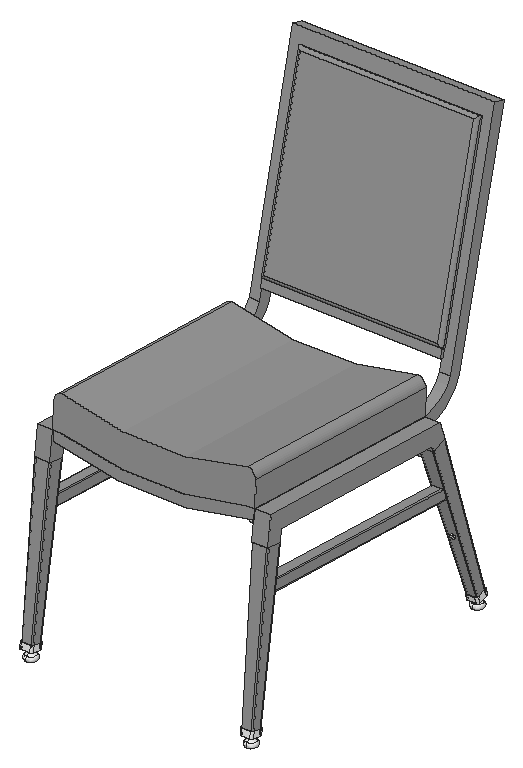
Revit family "8310", category Furniture, Revit 2020
Family settings
  OmniClass Number = 23.40.20.14.14.11
  OmniClass Title = Chairs
  Work Plane-Based = No
  Always vertical = Yes
  Cut with Voids When Loaded = No
  Shared = Yes
  Room Calculation Point = No
Parameters (values of type "Chair-Desk")
  Seat/Back Material = Textile - Slate Blue
  Default Elevation = 0 mm
  Base Material = Steel, Chrome Plated
  Assembly Code = "E2020200"
Reference planes
  plane 1: y = -187.299
  plane 2: z = 0
  plane 3 "Center (Left/Right)": through (1268.287, 0, -34.027) normal (0.9998, 0, 0.0175)
  plane 4: z = 0
  plane 5: through (-137.485, 1744.418, 541.439) normal (0.9998, 0, -0.0177)
  plane 6: z = 18.3
  plane 7: through (-799.018, 82.681, 403.326) normal (0, 0.0523, 0.9986)
  plane 8: through (-799.018, 82.681, 307.326) normal (0, 0.0523, 0.9986)
  plane 9: z = 390.613
  plane 10: z = 150.613
  plane 11: x = -10.013
  plane 12: x = 442.436
  plane 13: y = 388.951
  plane 14: y = -181.049
  plane 15: through (-799.018, 323.856, 144.527) normal (0, -0.9397, -0.342)
  plane 16: through (-799.018, 273.157, 287.592) normal (0, 0.0523, 0.9986)
  plane 17: through (-799.018, 323.856, 144.527) normal (0, -0.9397, -0.342)
  plane 18: through (-799.018, 273.157, 287.592) normal (0, 0.0523, 0.9986)
  plane 19: through (-368.686, 323.856, 132.701) normal (0.0052, -0.9397, -0.342)
  plane 20: through (-370.85, 273.157, 275.749) normal (-0.0151, 0.0523, 0.9985)
  plane 21: z = 460
  plane 22: through (-799.018, 472.248, 838.796) normal (0, -0.2402, -0.9707)
  plane 23: through (-799.018, 371.36, 431.093) normal (0, -0.2402, -0.9707)
  plane 24: z = 850
Forms (mm)
  Extrusion 1, solid, material "8310_Metal"
    sketch origin (0.287, 154.975, 59.144) x (0, 0.050503, 0.998724) y (-1, 0, 0)
      loop
        line (318.018, -33) -> (318.018, -15.2) -> (300.045, -15.2)
        arc (300.045, -15.2) -> (272.897, -212.844) -> (300.045, -410.488) r 733.007
        line (300.045, -410.488) -> (318.018, -410.488) -> (318.018, -392.688)
        arc (318.018, -392.688) -> (294.897, -212.844) -> (318.018, -33) r 711.007
    from 284.451 to 307.728
  Sweep 2, solid, material "8310_Metal"
    path origin (-221.154, 295.614, 456.595) x (0.017452, 0.156411, 0.987538) y (0.999848, -0.00273, -0.017238)
      loop
        line (-138.342, 238.218) -> (-131.391, 636.433)
    profile origin (213.751, 273.326, 315.871) x (0, -0.156434, -0.987688) y (0, 0.987688, -0.156434)
      loop
        line (5.386, 17.196) -> (-12, 12.537) -> (-7.342, -4.85) -> (10.045, -0.191) -> (5.386, 17.196)
  Extrusion 3, solid, material "8310_Fabric"
    sketch origin (0.287, -152.36, 74.685) x (0, 0.050503, 0.998724) y (-1, 0, 0)
      loop
        line (318.018, -392.688) -> (318.018, -410.488) -> (368.018, -410.488) -> (368.018, -395.488) -> (385.211, -395.488)
        arc (385.211, -395.488) -> (358.897, -212.844) -> (385.211, -30.2) r 647.007
        line (385.211, -30.2) -> (368.018, -30.2) -> (368.018, -15.2) -> (318.018, -15.2) -> (318.018, -33)
        arc (318.018, -33) -> (294.897, -212.844) -> (318.018, -392.688) r 711.007
    from 0 to -417.505
  Sweep 4, solid, material "8310_Fabric"
    path origin (30.487, -133.775, 442.233) x (0, 0.050503, 0.998724) y (0, 0.998724, -0.050503)
      loop
        line (0, 0) -> (0, 417.505)
    profile origin (30.487, 74.711, 431.691) x (0, -0.050503, -0.998724) y (-1, 0, 0)
      loop
        line (0, 0) -> (0, 15)
        arc (0, 15) -> (-12.007, 11.408) -> (-17.193, 0) r 15.14
        line (-17.193, 0) -> (0, 0)
  Sweep 5, solid, material "8310_Fabric"
    path in 3D
      loop
        line (395.775, -133.775, 442.233) -> (395.775, 283.197, 421.148)
    profile origin (395.775, 74.711, 431.691) x (0, 0.050503, 0.998724) y (1, 0, 0)
      loop
        line (0, 0) -> (17.193, 0)
        arc (17.193, 0) -> (11.408, 10.723) -> (0, 15) r 17.354
        line (0, 15) -> (0, 0)
  SweptBlend 6, solid, material "8310_Metal"
    path origin (0.287, 2.5, 2.5) x (0, 1, 0) y (0, 0, 1)
      loop
        line (-174.704, 17.976) -> (-131.184, 333.281)
    profile origin (0.287, -172.204, 20.476) x (0, -0.990609, 0.136727) y (1, 0, 0)
      loop
        line (-10.3, 8.7) -> (-10.3, -8.7)
        arc (-10.3, -8.7) -> (-9.831, -9.831) -> (-8.7, -10.3) r 1.6
        line (-8.7, -10.3) -> (8.7, -10.3)
        arc (8.7, -10.3) -> (9.831, -9.831) -> (10.3, -8.7) r 1.6
        line (10.3, -8.7) -> (10.3, 8.7)
        arc (10.3, 8.7) -> (9.831, 9.831) -> (8.7, 10.3) r 1.6
        line (8.7, 10.3) -> (-8.7, 10.3)
        arc (-8.7, 10.3) -> (-9.831, 9.831) -> (-10.3, 8.7) r 1.6
    end profile origin (0.288, -128.684, 335.781) x (0, -0.990609, 0.136727) y (1, 0, 0)
      loop
        line (-15.2, 13.6) -> (-15.2, -13.6)
        arc (-15.2, -13.6) -> (-14.731, -14.731) -> (-13.6, -15.2) r 1.6
        line (-13.6, -15.2) -> (13.6, -15.2)
        arc (13.6, -15.2) -> (14.731, -14.731) -> (15.2, -13.6) r 1.6
        line (15.2, -13.6) -> (15.2, 13.6)
        arc (15.2, 13.6) -> (14.731, 14.731) -> (13.6, 15.2) r 1.6
        line (13.6, 15.2) -> (-13.6, 15.2)
        arc (-13.6, 15.2) -> (-14.731, 14.731) -> (-15.2, 13.6) r 1.6
  SweptBlend 7, solid, material "8310_Metal"
    path origin (0.287, 9.673, 3.54) x (0, 1, 0) y (0, 0, 1)
      loop
        line (372.607, 16.013) -> (267.172, 329.256)
    profile origin (0.287, 382.28, 19.553) x (0, -0.947753, -0.319005) y (1, 0, 0)
      loop
        line (8.7, 10.3) -> (-8.7, 10.3)
        arc (-8.7, 10.3) -> (-9.831, 9.831) -> (-10.3, 8.7) r 1.6
        line (-10.3, 8.7) -> (-10.3, -8.7)
        arc (-10.3, -8.7) -> (-9.831, -9.831) -> (-8.7, -10.3) r 1.6
        line (-8.7, -10.3) -> (8.7, -10.3)
        arc (8.7, -10.3) -> (9.831, -9.831) -> (10.3, -8.7) r 1.6
        line (10.3, -8.7) -> (10.3, 8.7)
        arc (10.3, 8.7) -> (9.831, 9.831) -> (8.7, 10.3) r 1.6
    end profile origin (0.288, 276.845, 332.796) x (0, -0.947753, -0.319005) y (1, 0, 0)
      loop
        line (13.6, 15.2) -> (-13.6, 15.2)
        arc (-13.6, 15.2) -> (-14.731, 14.731) -> (-15.2, 13.6) r 1.6
        line (-15.2, 13.6) -> (-15.2, -13.6)
        arc (-15.2, -13.6) -> (-14.731, -14.731) -> (-13.6, -15.2) r 1.6
        line (-13.6, -15.2) -> (13.6, -15.2)
        arc (13.6, -15.2) -> (14.731, -14.731) -> (15.2, -13.6) r 1.6
        line (15.2, -13.6) -> (15.2, 13.6)
        arc (15.2, 13.6) -> (14.731, 14.731) -> (13.6, 15.2) r 1.6
  Extrusion 8, solid, material "8310_Metal"
    sketch origin (0.287, 0, -52.5) x (0, 1, 0) y (0, 0, 1)
      loop
        line (291.378, 390.187) -> (278.859, 424.397) -> (-136.142, 445.42) -> (-143.741, 390.36) -> (-113.627, 386.203) -> (-110.334, 410.063) -> (258.764, 391.365) -> (262.439, 380.447) -> (291.378, 390.187)
    from -15.2 to 15.2
  Extrusion 9, solid, material "Steel, Chrome Plated"
    sketch origin (0.287, -172.204, 20.476) x (-1, 0, 0) y (0, 0.990609, -0.136727)
      loop
        line (-8.7, -10.3) -> (8.7, -10.3)
        arc (8.7, -10.3) -> (9.831, -9.831) -> (10.3, -8.7) r 1.6
        line (10.3, -8.7) -> (10.3, 8.7)
        arc (10.3, 8.7) -> (9.831, 9.831) -> (8.7, 10.3) r 1.6
        line (8.7, 10.3) -> (-8.7, 10.3)
        arc (-8.7, 10.3) -> (-9.831, 9.831) -> (-10.3, 8.7) r 1.6
        line (-10.3, 8.7) -> (-10.3, -8.7)
        arc (-10.3, -8.7) -> (-9.831, -9.831) -> (-8.7, -10.3) r 1.6
      loop
        line (-8.7, -12.3) -> (8.7, -12.3)
        arc (8.7, -12.3) -> (11.246, -11.246) -> (12.3, -8.7) r 3.6
        line (12.3, -8.7) -> (12.3, 8.7)
        arc (12.3, 8.7) -> (11.246, 11.246) -> (8.7, 12.3) r 3.6
        line (8.7, 12.3) -> (-8.7, 12.3)
        arc (-8.7, 12.3) -> (-11.246, 11.246) -> (-12.3, 8.7) r 3.6
        line (-12.3, 8.7) -> (-12.3, -8.7)
        arc (-12.3, -8.7) -> (-11.246, -11.246) -> (-8.7, -12.3) r 3.6
    from 2 to -10
  Extrusion 10, solid
    sketch origin (0.287, -172.204, 20.476) x (-1, 0, 0) y (0, 0.990609, -0.136727)
      loop
        arc (8.7, -10.3) -> (9.831, -9.831) -> (10.3, -8.7) r 1.6
        line (10.3, -8.7) -> (10.3, 8.7)
        arc (10.3, 8.7) -> (9.831, 9.831) -> (8.7, 10.3) r 1.6
        line (8.7, 10.3) -> (-8.7, 10.3)
        arc (-8.7, 10.3) -> (-9.831, 9.831) -> (-10.3, 8.7) r 1.6
        line (-10.3, 8.7) -> (-10.3, -8.7)
        arc (-10.3, -8.7) -> (-9.831, -9.831) -> (-8.7, -10.3) r 1.6
        line (-8.7, -10.3) -> (8.7, -10.3)
    from 0 to 2
  Extrusion 11, solid, material "Steel, Chrome Plated"
    sketch origin (0.287, 382.28, 19.553) x (0, 0.947753, 0.319005) y (1, 0, 0)
      loop
        line (-8.7, -10.3) -> (8.7, -10.3)
        arc (8.7, -10.3) -> (9.831, -9.831) -> (10.3, -8.7) r 1.6
        line (10.3, -8.7) -> (10.3, 8.7)
        arc (10.3, 8.7) -> (9.831, 9.831) -> (8.7, 10.3) r 1.6
        line (8.7, 10.3) -> (-8.7, 10.3)
        arc (-8.7, 10.3) -> (-9.831, 9.831) -> (-10.3, 8.7) r 1.6
        line (-10.3, 8.7) -> (-10.3, -8.7)
        arc (-10.3, -8.7) -> (-9.831, -9.831) -> (-8.7, -10.3) r 1.6
      loop
        line (12.3, -8.7) -> (12.3, 8.7)
        arc (12.3, 8.7) -> (11.246, 11.246) -> (8.7, 12.3) r 3.6
        line (8.7, 12.3) -> (-8.7, 12.3)
        arc (-8.7, 12.3) -> (-11.246, 11.246) -> (-12.3, 8.7) r 3.6
        line (-12.3, 8.7) -> (-12.3, -8.7)
        arc (-12.3, -8.7) -> (-11.246, -11.246) -> (-8.7, -12.3) r 3.6
        line (-8.7, -12.3) -> (8.7, -12.3)
        arc (8.7, -12.3) -> (11.246, -11.246) -> (12.3, -8.7) r 3.6
    from 2 to -10
  Extrusion 12, solid
    sketch origin (0.287, 382.28, 19.553) x (0, 0.947753, 0.319005) y (1, 0, 0)
      loop
        arc (10.3, 8.7) -> (9.831, 9.831) -> (8.7, 10.3) r 1.6
        line (8.7, 10.3) -> (-8.7, 10.3)
        arc (-8.7, 10.3) -> (-9.831, 9.831) -> (-10.3, 8.7) r 1.6
        line (-10.3, 8.7) -> (-10.3, -8.7)
        arc (-10.3, -8.7) -> (-9.831, -9.831) -> (-8.7, -10.3) r 1.6
        line (-8.7, -10.3) -> (8.7, -10.3)
        arc (8.7, -10.3) -> (9.831, -9.831) -> (10.3, -8.7) r 1.6
        line (10.3, -8.7) -> (10.3, 8.7)
    from 0 to 2
  Sweep 13, solid, material "8310_Metal"
    path origin (0.287, 10, -57.5) x (0, 1, 0) y (0, 0, 1)
      loop
        line (290.535, 296.433) -> (-143.869, 319.199)
    profile origin (0.288, 83.333, 250.316) x (0, -0.052336, -0.99863) y (1, 0, 0)
      loop
        arc (9.404, -11) -> (10.533, -10.533) -> (11, -9.404) r 1.596
        line (11, -9.404) -> (11, 9.398)
        arc (11, 9.398) -> (10.531, 10.531) -> (9.398, 11) r 1.602
        line (9.398, 11) -> (-9.384, 11)
        arc (-9.384, 11) -> (-10.527, 10.527) -> (-11, 9.384) r 1.616
        line (-11, 9.384) -> (-11, -9.438)
        arc (-11, -9.438) -> (-10.542, -10.542) -> (-9.438, -11) r 1.562
        line (-9.438, -11) -> (9.404, -11)
  Extrusion 14, solid, material "8310_Metal"
    sketch origin (33.2, 287.742, 452.042) x (0, -0.99872, 0.050574) y (0, -0.050574, -0.99872)
      loop
        line (165.232, 69.049) -> (145.232, 69.049) -> (145.232, 48.703) -> (165.232, 48.703) -> (165.232, 69.049)
    from 0 to 359.287
  Extrusion 15, solid, material "8310_Metal"
    sketch origin (15.487, 0, -10) x (0, 1, 0) y (0, 0, 1)
      loop
        line (-124.276, 380.513) -> (271.358, 359.778)
        arc (271.358, 359.778) -> (327.284, 373.991) -> (365.462, 417.259) r 97.799
        line (365.462, 417.259) -> (473.727, 854.772) -> (452.953, 859.912) -> (345.184, 424.401)
        arc (345.184, 424.401) -> (315.356, 391.788) -> (272.458, 381.15) r 76.399
        line (272.458, 381.15) -> (-123.156, 401.883) -> (-124.276, 380.513)
    from 0 to 21.4
  Extrusion 16, solid, material "8310_Metal"
    sketch origin (389.631, 0, -10) x (0, 1, 0) y (0, 0, 1)
      loop
        line (-122.054, 401.128) -> (-123.137, 379.755) -> (271.358, 359.778)
        arc (271.358, 359.778) -> (327.284, 373.991) -> (365.462, 417.259) r 97.799
        line (365.462, 417.259) -> (473.736, 854.811) -> (452.963, 859.951) -> (345.184, 424.401)
        arc (345.184, 424.401) -> (315.348, 391.784) -> (272.44, 381.151) r 76.399
        line (272.44, 381.151) -> (-122.054, 401.128)
    from 0 to 21.4
  Extrusion 17, solid, material "8310_Metal"
    sketch origin (389.631, 384.843, 485.578) x (0, 0.24021, 0.970721) y (1, 0, 0)
      loop
        line (370.068, 0) -> (339.664, 0) -> (339.664, -352.743) -> (370.068, -352.743) -> (370.068, 0)
    from -21.4 to 0
  Extrusion 18, solid, material "8310_Fabric"
    sketch origin (389.631, 384.843, 485.578) x (0, 0.24021, 0.970721) y (1, 0, 0)
      loop
        line (-33.224, 0) -> (-33.224, -352.743) -> (339.664, -352.743) -> (339.664, -226.46)
        arc (339.664, -226.46) -> (334.126, -208.28) -> (323.21, -192.723) r 60.37
        arc (323.21, -192.723) -> (317.091, -177.622) -> (323.21, -162.52) r 21.695
        arc (323.21, -162.52) -> (334.714, -145.501) -> (339.664, -125.563) r 58.825
        line (339.664, -125.563) -> (339.664, 0) -> (-33.224, 0)
    from -10.761 to -3.92
  Extrusion 19, solid, material "8310_Fabric"
    sketch origin (389.631, 374.397, 488.163) x (0, -0.24021, -0.970721) y (1, 0, 0)
      loop
        line (33.224, -347.743) -> (33.224, -5) -> (-334.664, -5) -> (-334.664, -347.743) -> (33.224, -347.743)
    from 0 to 20.2
  Sweep 20, solid, material "8310_Fabric"
    path origin (389.631, 374.397, 488.163) x (0, 0.24021, 0.970721) y (1, 0, 0)
      loop
        line (-33.224, -347.743) -> (334.664, -347.743) -> (334.664, -5) -> (-33.224, -5) -> (-33.224, -347.743)
    profile origin (41.887, 410.601, 634.47) x (1, 0, 0) y (0, 0.970721, -0.24021)
      loop
        line (0, -20.2) -> (0, 0) -> (-6.488, 0) -> (-6.488, -12.118)
        arc (-6.488, -12.118) -> (-4.666, -17.3) -> (0, -20.2) r 8.278
  Extrusion 21, solid, material "Steel, Chrome Plated"
    sketch origin (0.288, 1126.15, 181.617) x (0, -0.998719, 0.050593) y (-1, 0, 0)
      loop
        line (932.955, 0.056) -> (935.455, -4.274) -> (940.455, -4.274) -> (942.955, 0.056) -> (940.455, 4.386) -> (935.455, 4.386) -> (932.955, 0.056)
      loop
        line (1171.747, 0.056) -> (1174.247, -4.274) -> (1179.247, -4.274) -> (1181.747, 0.056) -> (1179.247, 4.386) -> (1174.247, 4.386) -> (1171.747, 0.056)
    from -4.844 to -2.408
  Extrusion 22, solid, material "8310_Metal"
    sketch origin (-2.347, 334.96, 135.808) x (0, 0.353717, -0.935352) y (1, 0, 0)
      loop
        line (-7.341, -2.329) -> (-3.011, 0.171) -> (-3.011, 5.171) -> (-7.341, 7.671) -> (-11.671, 5.171) -> (-11.671, 0.171) -> (-7.341, -2.329)
    from -2.909 to -0.563
  Extrusion 23, solid
    sketch origin (0.287, -176.539, -1.206) x (0, -0.165298, -0.986244) y (-1, 0, 0)
      loop
        line (-143.939, -2.806) -> (-139.609, -0.306) -> (-139.609, 4.694) -> (-143.939, 7.194) -> (-148.269, 4.694) -> (-148.269, -0.306) -> (-143.939, -2.806)
    from -8.297 to -6.401
  SweptBlend 24, solid, material "8310_Metal", not visible
    path origin (0.287, 2.5, 2.5) x (0, 1, 0) y (0, 0, 1)
      loop
        line (-174.704, 17.976) -> (-131.184, 333.281)
    profile origin (0.287, -172.204, 20.476) x (0, -0.990609, 0.136727) y (1, 0, 0)
      loop
        line (-10.3, 8.7) -> (-10.3, -8.7)
        arc (-10.3, -8.7) -> (-9.831, -9.831) -> (-8.7, -10.3) r 1.6
        line (-8.7, -10.3) -> (8.7, -10.3)
        arc (8.7, -10.3) -> (9.831, -9.831) -> (10.3, -8.7) r 1.6
        line (10.3, -8.7) -> (10.3, 8.7)
        arc (10.3, 8.7) -> (9.831, 9.831) -> (8.7, 10.3) r 1.6
        line (8.7, 10.3) -> (-8.7, 10.3)
        arc (-8.7, 10.3) -> (-9.831, 9.831) -> (-10.3, 8.7) r 1.6
    end profile origin (0.288, -128.684, 335.781) x (0, -0.990609, 0.136727) y (1, 0, 0)
      loop
        line (-15.2, 13.6) -> (-15.2, -13.6)
        arc (-15.2, -13.6) -> (-14.731, -14.731) -> (-13.6, -15.2) r 1.6
        line (-13.6, -15.2) -> (13.6, -15.2)
        arc (13.6, -15.2) -> (14.731, -14.731) -> (15.2, -13.6) r 1.6
        line (15.2, -13.6) -> (15.2, 13.6)
        arc (15.2, 13.6) -> (14.731, 14.731) -> (13.6, 15.2) r 1.6
        line (13.6, 15.2) -> (-13.6, 15.2)
        arc (-13.6, 15.2) -> (-14.731, 14.731) -> (-15.2, 13.6) r 1.6
  SweptBlend 25, solid, material "8310_Metal", not visible
    path origin (0.287, 9.673, 3.54) x (0, 1, 0) y (0, 0, 1)
      loop
        line (372.607, 16.013) -> (267.172, 329.256)
    profile origin (0.287, 382.28, 19.553) x (0, -0.947753, -0.319005) y (1, 0, 0)
      loop
        line (8.7, 10.3) -> (-8.7, 10.3)
        arc (-8.7, 10.3) -> (-9.831, 9.831) -> (-10.3, 8.7) r 1.6
        line (-10.3, 8.7) -> (-10.3, -8.7)
        arc (-10.3, -8.7) -> (-9.831, -9.831) -> (-8.7, -10.3) r 1.6
        line (-8.7, -10.3) -> (8.7, -10.3)
        arc (8.7, -10.3) -> (9.831, -9.831) -> (10.3, -8.7) r 1.6
        line (10.3, -8.7) -> (10.3, 8.7)
        arc (10.3, 8.7) -> (9.831, 9.831) -> (8.7, 10.3) r 1.6
    end profile origin (0.288, 276.845, 332.796) x (0, -0.947753, -0.319005) y (1, 0, 0)
      loop
        line (13.6, 15.2) -> (-13.6, 15.2)
        arc (-13.6, 15.2) -> (-14.731, 14.731) -> (-15.2, 13.6) r 1.6
        line (-15.2, 13.6) -> (-15.2, -13.6)
        arc (-15.2, -13.6) -> (-14.731, -14.731) -> (-13.6, -15.2) r 1.6
        line (-13.6, -15.2) -> (13.6, -15.2)
        arc (13.6, -15.2) -> (14.731, -14.731) -> (15.2, -13.6) r 1.6
        line (15.2, -13.6) -> (15.2, 13.6)
        arc (15.2, 13.6) -> (14.731, 14.731) -> (13.6, 15.2) r 1.6
  Extrusion 26, solid, material "8310_Metal", not visible
    sketch origin (0.287, 0, -52.5) x (0, 1, 0) y (0, 0, 1)
      loop
        line (291.378, 390.187) -> (278.859, 424.397) -> (-136.142, 445.42) -> (-143.741, 390.36) -> (-113.627, 386.203) -> (-110.334, 410.063) -> (258.764, 391.365) -> (262.439, 380.447) -> (291.378, 390.187)
    from -15.2 to 15.2
  Extrusion 27, solid, material "Steel, Chrome Plated", not visible
    sketch origin (0.287, -172.204, 20.476) x (-1, 0, 0) y (0, 0.990609, -0.136727)
      loop
        line (-8.7, -10.3) -> (8.7, -10.3)
        arc (8.7, -10.3) -> (9.831, -9.831) -> (10.3, -8.7) r 1.6
        line (10.3, -8.7) -> (10.3, 8.7)
        arc (10.3, 8.7) -> (9.831, 9.831) -> (8.7, 10.3) r 1.6
        line (8.7, 10.3) -> (-8.7, 10.3)
        arc (-8.7, 10.3) -> (-9.831, 9.831) -> (-10.3, 8.7) r 1.6
        line (-10.3, 8.7) -> (-10.3, -8.7)
        arc (-10.3, -8.7) -> (-9.831, -9.831) -> (-8.7, -10.3) r 1.6
      loop
        line (-8.7, -12.3) -> (8.7, -12.3)
        arc (8.7, -12.3) -> (11.246, -11.246) -> (12.3, -8.7) r 3.6
        line (12.3, -8.7) -> (12.3, 8.7)
        arc (12.3, 8.7) -> (11.246, 11.246) -> (8.7, 12.3) r 3.6
        line (8.7, 12.3) -> (-8.7, 12.3)
        arc (-8.7, 12.3) -> (-11.246, 11.246) -> (-12.3, 8.7) r 3.6
        line (-12.3, 8.7) -> (-12.3, -8.7)
        arc (-12.3, -8.7) -> (-11.246, -11.246) -> (-8.7, -12.3) r 3.6
    from 2 to -10
  Extrusion 28, solid, material "Steel, Chrome Plated", not visible
    sketch origin (0.287, 382.28, 19.553) x (0, 0.947753, 0.319005) y (1, 0, 0)
      loop
        line (-8.7, -10.3) -> (8.7, -10.3)
        arc (8.7, -10.3) -> (9.831, -9.831) -> (10.3, -8.7) r 1.6
        line (10.3, -8.7) -> (10.3, 8.7)
        arc (10.3, 8.7) -> (9.831, 9.831) -> (8.7, 10.3) r 1.6
        line (8.7, 10.3) -> (-8.7, 10.3)
        arc (-8.7, 10.3) -> (-9.831, 9.831) -> (-10.3, 8.7) r 1.6
        line (-10.3, 8.7) -> (-10.3, -8.7)
        arc (-10.3, -8.7) -> (-9.831, -9.831) -> (-8.7, -10.3) r 1.6
      loop
        line (12.3, -8.7) -> (12.3, 8.7)
        arc (12.3, 8.7) -> (11.246, 11.246) -> (8.7, 12.3) r 3.6
        line (8.7, 12.3) -> (-8.7, 12.3)
        arc (-8.7, 12.3) -> (-11.246, 11.246) -> (-12.3, 8.7) r 3.6
        line (-12.3, 8.7) -> (-12.3, -8.7)
        arc (-12.3, -8.7) -> (-11.246, -11.246) -> (-8.7, -12.3) r 3.6
        line (-8.7, -12.3) -> (8.7, -12.3)
        arc (8.7, -12.3) -> (11.246, -11.246) -> (12.3, -8.7) r 3.6
    from 2 to -10
  Sweep 29, solid, material "8310_Metal", not visible
    path origin (0.287, 10, -57.5) x (0, 1, 0) y (0, 0, 1)
      loop
        line (290.535, 296.433) -> (-143.869, 319.199)
    profile origin (0.288, 83.333, 250.316) x (0, -0.052336, -0.99863) y (1, 0, 0)
      loop
        arc (9.404, -11) -> (10.533, -10.533) -> (11, -9.404) r 1.596
        line (11, -9.404) -> (11, 9.398)
        arc (11, 9.398) -> (10.531, 10.531) -> (9.398, 11) r 1.602
        line (9.398, 11) -> (-9.384, 11)
        arc (-9.384, 11) -> (-10.527, 10.527) -> (-11, 9.384) r 1.616
        line (-11, 9.384) -> (-11, -9.438)
        arc (-11, -9.438) -> (-10.542, -10.542) -> (-9.438, -11) r 1.562
        line (-9.438, -11) -> (9.404, -11)
  Extrusion 30, solid, material "Steel, Chrome Plated", not visible
    sketch origin (0.288, 1126.15, 181.617) x (0, -0.998719, 0.050593) y (-1, 0, 0)
      loop
        line (932.955, 0.056) -> (935.455, -4.274) -> (940.455, -4.274) -> (942.955, 0.056) -> (940.455, 4.386) -> (935.455, 4.386) -> (932.955, 0.056)
      loop
        line (1171.747, 0.056) -> (1174.247, -4.274) -> (1179.247, -4.274) -> (1181.747, 0.056) -> (1179.247, 4.386) -> (1174.247, 4.386) -> (1171.747, 0.056)
    from -4.844 to -2.408
  Extrusion 31, solid, material "8310_Metal", not visible
    sketch origin (-2.347, 334.96, 135.808) x (0, 0.353717, -0.935352) y (1, 0, 0)
      loop
        line (-7.341, -2.329) -> (-3.011, 0.171) -> (-3.011, 5.171) -> (-7.341, 7.671) -> (-11.671, 5.171) -> (-11.671, 0.171) -> (-7.341, -2.329)
    from -2.909 to -0.563
  Extrusion 32, solid, not visible
    sketch origin (0.287, -176.539, -1.206) x (0, -0.165298, -0.986244) y (-1, 0, 0)
      loop
        line (-143.939, -2.806) -> (-139.609, -0.306) -> (-139.609, 4.694) -> (-143.939, 7.194) -> (-148.269, 4.694) -> (-148.269, -0.306) -> (-143.939, -2.806)
    from -8.297 to -6.401
  SweptBlend 33, solid, material "8310_Metal"
    path origin (432.677, 2.5, 2.781) x (0, 1, 0) y (-0.015127, 0, 0.999886)
      loop
        line (-174.704, 17.976) -> (-131.184, 333.281)
    profile origin (432.405, -172.204, 20.755) x (-0.002068, -0.990609, 0.136711) y (0.999886, 0, 0.015127)
      loop
        line (-10.3, 8.7) -> (-10.3, -8.7)
        arc (-10.3, -8.7) -> (-9.831, -9.831) -> (-8.7, -10.3) r 1.6
        line (-8.7, -10.3) -> (8.7, -10.3)
        arc (8.7, -10.3) -> (9.831, -9.831) -> (10.3, -8.7) r 1.6
        line (10.3, -8.7) -> (10.3, 8.7)
        arc (10.3, 8.7) -> (9.831, 9.831) -> (8.7, 10.3) r 1.6
        line (8.7, 10.3) -> (-8.7, 10.3)
        arc (-8.7, 10.3) -> (-9.831, 9.831) -> (-10.3, 8.7) r 1.6
    end profile origin (427.635, -128.684, 336.024) x (-0.002068, -0.990609, 0.136711) y (0.999886, 0, 0.015127)
      loop
        line (-15.2, 13.6) -> (-15.2, -13.6)
        arc (-15.2, -13.6) -> (-14.731, -14.731) -> (-13.6, -15.2) r 1.6
        line (-13.6, -15.2) -> (13.6, -15.2)
        arc (13.6, -15.2) -> (14.731, -14.731) -> (15.2, -13.6) r 1.6
        line (15.2, -13.6) -> (15.2, 13.6)
        arc (15.2, 13.6) -> (14.731, 14.731) -> (13.6, 15.2) r 1.6
        line (13.6, 15.2) -> (-13.6, 15.2)
        arc (-13.6, 15.2) -> (-14.731, 14.731) -> (-15.2, 13.6) r 1.6
  SweptBlend 34, solid, material "8310_Metal"
    path origin (432.661, 9.673, 3.82) x (0, 1, 0) y (-0.015127, 0, 0.999886)
      loop
        line (372.607, 16.013) -> (267.172, 329.256)
    profile origin (432.419, 382.28, 19.832) x (0.004825, -0.947753, -0.318969) y (0.999886, 0, 0.015127)
      loop
        line (8.7, 10.3) -> (-8.7, 10.3)
        arc (-8.7, 10.3) -> (-9.831, 9.831) -> (-10.3, 8.7) r 1.6
        line (-10.3, 8.7) -> (-10.3, -8.7)
        arc (-10.3, -8.7) -> (-9.831, -9.831) -> (-8.7, -10.3) r 1.6
        line (-8.7, -10.3) -> (8.7, -10.3)
        arc (8.7, -10.3) -> (9.831, -9.831) -> (10.3, -8.7) r 1.6
        line (10.3, -8.7) -> (10.3, 8.7)
        arc (10.3, 8.7) -> (9.831, 9.831) -> (8.7, 10.3) r 1.6
    end profile origin (427.68, 276.845, 333.038) x (0.004825, -0.947753, -0.318969) y (0.999886, 0, 0.015127)
      loop
        line (13.6, 15.2) -> (-13.6, 15.2)
        arc (-13.6, 15.2) -> (-14.731, 14.731) -> (-15.2, 13.6) r 1.6
        line (-15.2, 13.6) -> (-15.2, -13.6)
        arc (-15.2, -13.6) -> (-14.731, -14.731) -> (-13.6, -15.2) r 1.6
        line (-13.6, -15.2) -> (13.6, -15.2)
        arc (13.6, -15.2) -> (14.731, -14.731) -> (15.2, -13.6) r 1.6
        line (15.2, -13.6) -> (15.2, 13.6)
        arc (15.2, 13.6) -> (14.731, 14.731) -> (13.6, 15.2) r 1.6
  Extrusion 35, solid, material "8310_Metal"
    sketch origin (433.509, 0, -52.213) x (0, 1, 0) y (-0.015127, 0, 0.999886)
      loop
        line (291.378, 390.187) -> (278.859, 424.397) -> (-136.142, 445.42) -> (-143.741, 390.36) -> (-113.627, 386.203) -> (-110.334, 410.063) -> (258.764, 391.365) -> (262.439, 380.447) -> (291.378, 390.187)
    from -15.2 to 15.2
  Extrusion 36, solid, material "Steel, Chrome Plated"
    sketch origin (432.405, -172.204, 20.755) x (-0.999886, 0, -0.015127) y (0.002068, 0.990609, -0.136711)
      loop
        line (-8.7, -10.3) -> (8.7, -10.3)
        arc (8.7, -10.3) -> (9.831, -9.831) -> (10.3, -8.7) r 1.6
        line (10.3, -8.7) -> (10.3, 8.7)
        arc (10.3, 8.7) -> (9.831, 9.831) -> (8.7, 10.3) r 1.6
        line (8.7, 10.3) -> (-8.7, 10.3)
        arc (-8.7, 10.3) -> (-9.831, 9.831) -> (-10.3, 8.7) r 1.6
        line (-10.3, 8.7) -> (-10.3, -8.7)
        arc (-10.3, -8.7) -> (-9.831, -9.831) -> (-8.7, -10.3) r 1.6
      loop
        line (-8.7, -12.3) -> (8.7, -12.3)
        arc (8.7, -12.3) -> (11.246, -11.246) -> (12.3, -8.7) r 3.6
        line (12.3, -8.7) -> (12.3, 8.7)
        arc (12.3, 8.7) -> (11.246, 11.246) -> (8.7, 12.3) r 3.6
        line (8.7, 12.3) -> (-8.7, 12.3)
        arc (-8.7, 12.3) -> (-11.246, 11.246) -> (-12.3, 8.7) r 3.6
        line (-12.3, 8.7) -> (-12.3, -8.7)
        arc (-12.3, -8.7) -> (-11.246, -11.246) -> (-8.7, -12.3) r 3.6
    from 2 to -10
  Extrusion 37, solid, material "Steel, Chrome Plated"
    sketch origin (432.419, 382.28, 19.832) x (-0.004825, 0.947753, 0.318969) y (0.999886, 0, 0.015127)
      loop
        line (-8.7, -10.3) -> (8.7, -10.3)
        arc (8.7, -10.3) -> (9.831, -9.831) -> (10.3, -8.7) r 1.6
        line (10.3, -8.7) -> (10.3, 8.7)
        arc (10.3, 8.7) -> (9.831, 9.831) -> (8.7, 10.3) r 1.6
        line (8.7, 10.3) -> (-8.7, 10.3)
        arc (-8.7, 10.3) -> (-9.831, 9.831) -> (-10.3, 8.7) r 1.6
        line (-10.3, 8.7) -> (-10.3, -8.7)
        arc (-10.3, -8.7) -> (-9.831, -9.831) -> (-8.7, -10.3) r 1.6
      loop
        line (12.3, -8.7) -> (12.3, 8.7)
        arc (12.3, 8.7) -> (11.246, 11.246) -> (8.7, 12.3) r 3.6
        line (8.7, 12.3) -> (-8.7, 12.3)
        arc (-8.7, 12.3) -> (-11.246, 11.246) -> (-12.3, 8.7) r 3.6
        line (-12.3, 8.7) -> (-12.3, -8.7)
        arc (-12.3, -8.7) -> (-11.246, -11.246) -> (-8.7, -12.3) r 3.6
        line (-8.7, -12.3) -> (8.7, -12.3)
        arc (8.7, -12.3) -> (11.246, -11.246) -> (12.3, -8.7) r 3.6
    from 2 to -10
  Sweep 38, solid, material "8310_Metal"
    path origin (433.584, 10, -57.213) x (0, 1, 0) y (-0.015127, 0, 0.999886)
      loop
        line (290.535, 296.433) -> (-143.869, 319.199)
    profile origin (428.928, 83.333, 250.569) x (0.015106, -0.052336, -0.998515) y (0.999886, 0, 0.015127)
      loop
        arc (9.404, -11) -> (10.533, -10.533) -> (11, -9.404) r 1.596
        line (11, -9.404) -> (11, 9.398)
        arc (11, 9.398) -> (10.531, 10.531) -> (9.398, 11) r 1.602
        line (9.398, 11) -> (-9.384, 11)
        arc (-9.384, 11) -> (-10.527, 10.527) -> (-11, 9.384) r 1.616
        line (-11, 9.384) -> (-11, -9.438)
        arc (-11, -9.438) -> (-10.542, -10.542) -> (-9.438, -11) r 1.562
        line (-9.438, -11) -> (9.404, -11)
  Extrusion 39, solid, material "Steel, Chrome Plated"
    sketch origin (429.967, 1126.15, 181.877) x (-0.000765, -0.998719, 0.050587) y (-0.999886, 0, -0.015127)
      loop
        line (932.955, 0.056) -> (935.455, -4.274) -> (940.455, -4.274) -> (942.955, 0.056) -> (940.455, 4.386) -> (935.455, 4.386) -> (932.955, 0.056)
      loop
        line (1171.747, 0.056) -> (1174.247, -4.274) -> (1179.247, -4.274) -> (1181.747, 0.056) -> (1179.247, 4.386) -> (1174.247, 4.386) -> (1171.747, 0.056)
    from -4.844 to -2.408
  Extrusion 40, solid, material "8310_Metal"
    sketch origin (428.026, 334.96, 136.034) x (0.014149, 0.353717, -0.935245) y (0.999886, 0, 0.015127)
      loop
        line (-7.341, -2.329) -> (-3.011, 0.171) -> (-3.011, 5.171) -> (-7.341, 7.671) -> (-11.671, 5.171) -> (-11.671, 0.171) -> (-7.341, -2.329)
    from -2.909 to -0.563
  Extrusion 41, solid
    sketch origin (432.733, -176.539, -0.925) x (0.014918, -0.165298, -0.986131) y (-0.999886, 0, -0.015127)
      loop
        line (-143.939, -2.806) -> (-139.609, -0.306) -> (-139.609, 4.694) -> (-143.939, 7.194) -> (-148.269, 4.694) -> (-148.269, -0.306) -> (-143.939, -2.806)
    from -8.297 to -6.401
  Extrusion 42, solid, material "Steel, Chrome Plated"
    sketch origin (0.287, 635.059, -736.238) x (0, -0.334477, 0.942404) y (-1, 0, 0)
      loop
        line (932.955, 0.056) -> (935.455, -4.274) -> (940.455, -4.274) -> (942.955, 0.056) -> (940.455, 4.386) -> (935.455, 4.386) -> (932.955, 0.056)
    from -4.844 to -2.408
  Extrusion 43, solid, material "Steel, Chrome Plated"
    sketch origin (0.307, -296.802, -765.276) x (0, 0.164346, 0.986403) y (-1, 0, 0)
      loop
        line (932.955, 0.056) -> (935.455, -4.274) -> (940.455, -4.274) -> (942.955, 0.056) -> (940.455, 4.386) -> (935.455, 4.386) -> (932.955, 0.056)
    from -4.844 to -2.408
  Extrusion 44, solid, material "Steel, Chrome Plated", not visible
    sketch origin (0.287, 635.059, -736.238) x (0, -0.334477, 0.942404) y (-1, 0, 0)
      loop
        line (932.955, 0.056) -> (935.455, -4.274) -> (940.455, -4.274) -> (942.955, 0.056) -> (940.455, 4.386) -> (935.455, 4.386) -> (932.955, 0.056)
    from -4.844 to -2.408
  Extrusion 45, solid, material "Steel, Chrome Plated", not visible
    sketch origin (0.307, -296.802, -765.276) x (0, 0.164346, 0.986403) y (-1, 0, 0)
      loop
        line (932.955, 0.056) -> (935.455, -4.274) -> (940.455, -4.274) -> (942.955, 0.056) -> (940.455, 4.386) -> (935.455, 4.386) -> (932.955, 0.056)
    from -4.844 to -2.408
  Extrusion 46, solid, material "Steel, Chrome Plated"
    sketch origin (443.851, 635.059, -735.873) x (-0.014255, -0.334477, 0.942296) y (-0.999886, 0, -0.015127)
      loop
        line (932.955, 0.056) -> (935.455, -4.274) -> (940.455, -4.274) -> (942.955, 0.056) -> (940.455, 4.386) -> (935.455, 4.386) -> (932.955, 0.056)
    from -4.844 to -2.408
  Extrusion 47, solid, material "Steel, Chrome Plated"
    sketch origin (444.309, -296.802, -764.907) x (-0.014921, 0.164346, 0.98629) y (-0.999886, 0, -0.015127)
      loop
        line (932.955, 0.056) -> (935.455, -4.274) -> (940.455, -4.274) -> (942.955, 0.056) -> (940.455, 4.386) -> (935.455, 4.386) -> (932.955, 0.056)
    from -4.844 to -2.408
  Revolve 48, solid, material "Steel, Chrome Plated"
    sketch origin (0.417, -936.414, 433.826) x (0, 0.996195, -0.087156) y (0, -0.087156, -0.996195)
      loop
        line (797.901, 345.62) -> (799.644, 365.543) -> (790.179, 366.372)
        arc (790.179, 366.372) -> (787.341, 362.604) -> (789.484, 358.402) r 4.45
        arc (789.484, 358.402) -> (792.676, 354.525) -> (793.757, 349.621) r 10.744
        arc (793.757, 349.621) -> (794.463, 347.262) -> (796.406, 345.75) r 4.042
        line (796.406, 345.75) -> (797.901, 345.62)
      axis (797.901, 345.62) -> (799.644, 365.543)
    angle from 0 to 360
  Revolve 49, solid, material "Steel, Chrome Plated"
    sketch origin (0.417, -381.414, 433.826) x (0, 0.996195, -0.087156) y (0, -0.087156, -0.996195)
      loop
        line (797.901, 345.62) -> (799.644, 365.543) -> (790.179, 366.372)
        arc (790.179, 366.372) -> (787.341, 362.604) -> (789.484, 358.402) r 4.45
        arc (789.484, 358.402) -> (792.676, 354.525) -> (793.757, 349.621) r 10.744
        arc (793.757, 349.621) -> (794.463, 347.262) -> (796.406, 345.75) r 4.042
        line (796.406, 345.75) -> (797.901, 345.62)
      axis (797.901, 345.62) -> (799.644, 365.543)
    angle from 0 to 360
  Revolve 50, solid, material "Steel, Chrome Plated", not visible
    sketch origin (0.417, -936.414, 433.826) x (0, 0.996195, -0.087156) y (0, -0.087156, -0.996195)
      loop
        line (797.901, 345.62) -> (799.644, 365.543) -> (790.179, 366.372)
        arc (790.179, 366.372) -> (787.341, 362.604) -> (789.484, 358.402) r 4.45
        arc (789.484, 358.402) -> (792.676, 354.525) -> (793.757, 349.621) r 10.744
        arc (793.757, 349.621) -> (794.463, 347.262) -> (796.406, 345.75) r 4.042
        line (796.406, 345.75) -> (797.901, 345.62)
      axis (797.901, 345.62) -> (799.644, 365.543)
    angle from 0 to 360
  Revolve 51, solid, material "Steel, Chrome Plated", not visible
    sketch origin (0.417, -381.414, 433.826) x (0, 0.996195, -0.087156) y (0, -0.087156, -0.996195)
      loop
        line (797.901, 345.62) -> (799.644, 365.543) -> (790.179, 366.372)
        arc (790.179, 366.372) -> (787.341, 362.604) -> (789.484, 358.402) r 4.45
        arc (789.484, 358.402) -> (792.676, 354.525) -> (793.757, 349.621) r 10.744
        arc (793.757, 349.621) -> (794.463, 347.262) -> (796.406, 345.75) r 4.042
        line (796.406, 345.75) -> (797.901, 345.62)
      axis (797.901, 345.62) -> (799.644, 365.543)
    angle from 0 to 360
  Revolve 52, solid, material "Steel, Chrome Plated"
    sketch origin (426.282, -936.414, 434.06) x (0.001318, 0.996195, -0.087146) y (0.015069, -0.087156, -0.996081)
      loop
        line (797.901, 345.62) -> (799.644, 365.543) -> (790.179, 366.372)
        arc (790.179, 366.372) -> (787.341, 362.604) -> (789.484, 358.402) r 4.45
        arc (789.484, 358.402) -> (792.676, 354.525) -> (793.757, 349.621) r 10.744
        arc (793.757, 349.621) -> (794.463, 347.262) -> (796.406, 345.75) r 4.042
        line (796.406, 345.75) -> (797.901, 345.62)
      axis (797.901, 345.62) -> (799.644, 365.543)
    angle from 0 to 360
  Revolve 53, solid, material "Steel, Chrome Plated"
    sketch origin (426.282, -381.414, 434.06) x (0.001318, 0.996195, -0.087146) y (0.015069, -0.087156, -0.996081)
      loop
        line (797.901, 345.62) -> (799.644, 365.543) -> (790.179, 366.372)
        arc (790.179, 366.372) -> (787.341, 362.604) -> (789.484, 358.402) r 4.45
        arc (789.484, 358.402) -> (792.676, 354.525) -> (793.757, 349.621) r 10.744
        arc (793.757, 349.621) -> (794.463, 347.262) -> (796.406, 345.75) r 4.042
        line (796.406, 345.75) -> (797.901, 345.62)
      axis (797.901, 345.62) -> (799.644, 365.543)
    angle from 0 to 360
  Extrusion 54, solid, not visible
    sketch origin (389.631, 336.61, 497.514) x (0, 0.24021, 0.970721) y (1, 0, 0)
      loop
        line (363.871, 0) -> (339.664, 0) -> (339.664, -352.743) -> (363.871, -352.743) -> (363.871, 0)
    from -21.4 to 3.92
  Extrusion 55, solid, not visible
    sketch origin (389.631, 340.415, 496.572) x (0, 0.24021, 0.970721) y (1, 0, 0)
      loop
        line (-33.224, 0) -> (-33.224, -352.743) -> (339.664, -352.743) -> (339.664, -226.46)
        arc (339.664, -226.46) -> (334.126, -208.28) -> (323.21, -192.723) r 60.37
        arc (323.21, -192.723) -> (317.091, -177.622) -> (323.21, -162.52) r 21.695
        arc (323.21, -162.52) -> (334.714, -145.501) -> (339.664, -125.563) r 58.825
        line (339.664, -125.563) -> (339.664, 0) -> (-33.224, 0)
    from -10.761 to 0
  Extrusion 56, solid, not visible
    sketch origin (389.631, 329.969, 499.157) x (0, -0.24021, -0.970721) y (1, 0, 0)
      loop
        line (33.224, -347.743) -> (33.224, -5) -> (-334.664, -5) -> (-334.664, -347.743) -> (33.224, -347.743)
    from 0 to 20.2
  Sweep 57, solid, not visible
    path origin (389.631, 329.969, 499.157) x (0, 0.24021, 0.970721) y (1, 0, 0)
      loop
        line (-33.224, -347.743) -> (334.664, -347.743) -> (334.664, -5) -> (-33.224, -5) -> (-33.224, -347.743)
    profile origin (41.887, 366.173, 645.464) x (1, 0, 0) y (0, 0.970721, -0.24021)
      loop
        line (0, -20.2) -> (0, 0) -> (-6.488, 0) -> (-6.488, -12.118)
        arc (-6.488, -12.118) -> (-4.666, -17.3) -> (0, -20.2) r 8.278
  Extrusion 58, solid, material "8310_Metal"
    sketch origin (389.631, 382.083, 474.426) x (0, 0.24021, 0.970721) y (1, 0, 0)
      loop
        line (-21.736, 0) -> (-44.64, 0) -> (-44.64, -352.743) -> (-21.736, -352.743) -> (-21.736, 0)
    from -25.32 to -3.92
  Extrusion 59, solid, not visible
    sketch origin (389.631, 337.655, 485.42) x (0, 0.24021, 0.970721) y (1, 0, 0)
      loop
        line (-21.736, 0) -> (-44.64, 0) -> (-44.64, -352.743) -> (-21.736, -352.743) -> (-21.736, 0)
    from -25.32 to 0
Cuts and joins
  joined: Extrusion 3, Sweep 4, Sweep 5
  joined: Extrusion 8, Extrusion 14
  joined: Extrusion 15, Extrusion 16, Extrusion 17
  joined: Extrusion 19, Sweep 20
Lines and regions (mm)
  sketch lines
    curve 1: line (395.775, -133.775, 442.233) -> (395.775, 283.197, 421.148)
Dimensions and locks
  cut or joined group of Extrusion 15, Extrusion 16, Extrusion 17 to cut or joined group of Extrusion 15, Extrusion 16, Extrusion 17 = 395.543 mm
  plane 12 to plane 11 = 452.449 mm
  plane 13 to plane 14 = 570 mm
  plane 21 to level = 460 mm  (x2)
  plane 23 to plane 22 = 420 mm
  plane 24 to level = 850 mm  (x2)
  angle cut or joined group of Extrusion 8, Extrusion 14 to cut or joined group of Extrusion 19, Sweep 20 = 100.999°
